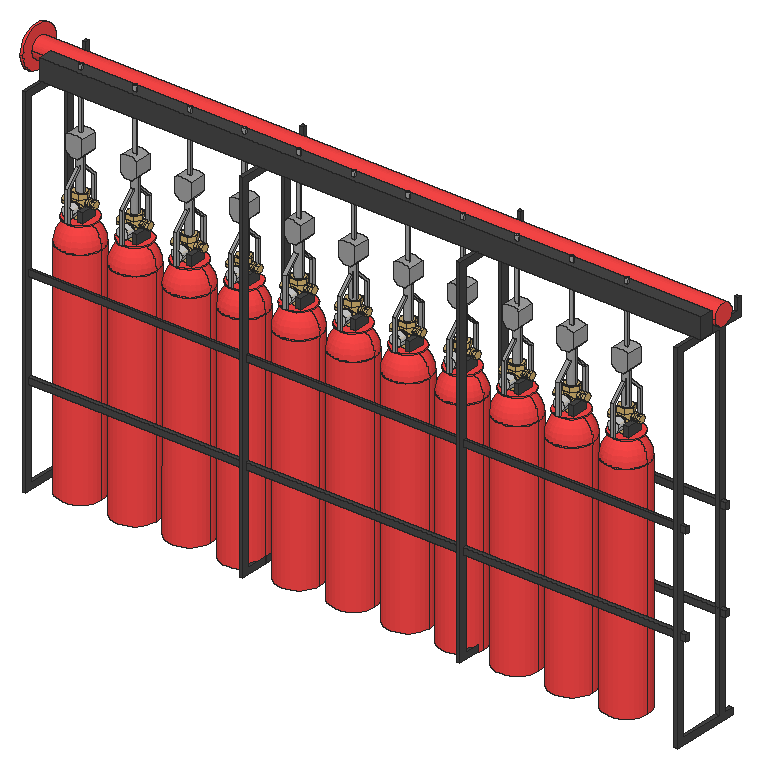
Revit family "Batería de cilindros pesaje continuo 67l en simple fila FK-5-1-12_Aguilera Extincion", category Equipos especializados, Revit 2019
Family settings
  Anfitrión = Suelo
  Cota de conector redondo = Radio de uso
  Tipo de pieza = Normal
  Número OmniClass = 23.65.20.14.24
  Título OmniClass = Other Gas Storage Vessels
  Siempre vertical = Sí
  Corte con vacíos al cargar = No
  Compartido = No
  Punto de cálculo de habitación = No
Parameters (values of type "Batería 11 cilindros FK-5-1-12 - 67 l")
  URL = "https://aguilera.es/?productos=sistemas-de-cilindros-de-6780-y-120l-con-pesaje-continuo-en-simple-fila"
  Símbolo texto = yes
  Símbolo = yes
  Rc2 = Radio colector * 2  # 127 mm
  Radio colector = Diámetro colector / 2  # 63.5 mm
  R = Diámetro / 2  # 133.5 mm
  Número soportes = 4
  Número de cilindros = 11
  Modelo = "AEX/FKBP067-11"
  Lt1 = Lt * 0.9  # 3851.1 mm
  Lt = 4279 mm
  Lci = D2 + 40 mm  # 380 mm
  Lcc = (Lt - 160 mm) / (Número soportes - 1)  # 1373 mm
  Lc = 340 mm  # constant formula
  Ht = Hc + Diámetro colector  # 2362 mm
  Fondo = 490 mm  # constant formula
  Fabricante = "Aguilera Extinción"  # constant formula
  Diámetro colector = 127 mm
  Descripción = "Batería formada con cilindros de 67 L. Fabricadas en acero tratado térmicamente sin soldadura (según Directiva Europea 84/525/CEE). Marcado π. Presión de trabajo 42 bar, presión de pruebas 250 bar, temperatura de servicio de -20 ºC a + 50 ºC. Grabadas y pintadas en color rojo (RAL 3002).\r\nEquipadas con:\r\n• Válvula de descarga. marcada CE según RD: 769/1999 Incluye:\r\n• Solenoide de disparo (Alimentación 24V y 500mA de consumo) (Cilindro piloto)\r\n• Actuador manual (Cilindro piloto).\r\n• Válvula de sobrepresión y disco de seguridad.\r\n• Válvula de alivio\r\n• Manómetro 42 bar con presostato. Certificado Vds\r\n• Latiguillos para el accionamiento neumático de disparo y latiguillos de descarga.\r\n• Colector de descarga (diámetro en función del cálculo hidráulico).\r\n• Válvulas retención.\r\n• Ensambladas en bastidor metálico con doble travesaño de fijación.\r\n• Los bastidores se fabrican para el montaje de cilindros en una o dos filas.\r\n• Sistema de pesaje continuo y bastidor metálico para su sujeción."  # constant formula
  Diámetro = 267 mm  # constant formula
  Hc = 2235 mm
  D2 = 340 mm  # constant formula
  D1 = Diámetro + 20 mm  # 287 mm
  Cilindro = Cilindros autonomos con pesaje continuo de 5 a 120l FK-5-1-12_Aguilera Extincion : Cilindro autónomo MH5112® (FK-5-1-12) - 67 l
Types (14, lengths in mm): name | Rc2 | Radio colector | Número soportes | Número de cilindros | Modelo | Lt1 | Lt | Lcc | Ht | Diámetro colector | Hc
  (no name) | 127 | 63.5 | 4 | 11 | "AEX/FKBP067-11" | 3851.1 | 4279 | 1373 | 2362 | 127 | 2235
  Batería 2 cilindros FK-5-1-12 - 67 l | 50.8 | 25.4 | 2 | 2 | "AEX/FKBP067-02" | 987.3 | 1097 | 937 | 2125.8 | 50.8 | 2075
  Batería 3 cilindros FK-5-1-12 - 67 l | 63.5 | 31.75 | 2 | 3 | "AEX/FKBP067-03" | 1337.4 | 1486 | 1326 | 2190.5 | 63.5 | 2127
  Batería 4 cilindros FK-5-1-12 - 67 l | 76.2 | 38.1 | 2 | 4 | "AEX/FKBP067-04" | 1657.8 | 1842 | 1682 | 2221.2 | 76.2 | 2145
  Batería 5 cilindros FK-5-1-12 - 67 l | 76.2 | 38.1 | 2 | 5 | "AEX/FKBP067-05" | 1963.8 | 2182 | 2022 | 2266.2 | 76.2 | 2190
  Batería 6 cilindros FK-5-1-12 - 67 l | 76.2 | 38.1 | 2 | 6 | "AEX/FKBP067-06" | 2298.6 | 2554 | 2394 | 2266.2 | 76.2 | 2190
  Batería 7 cilindros FK-5-1-12 - 67 l | 101.6 | 50.8 | 3 | 7 | "AEX/FKBP067-07" | 2604.6 | 2894 | 1367 | 2291.6 | 101.6 | 2190
  Batería 8 cilindros FK-5-1-12 - 67 l | 101.6 | 50.8 | 3 | 8 | "AEX/FKBP067-08" | 2910.6 | 3234 | 1537 | 2336.6 | 101.6 | 2235
  Batería 9 cilindros FK-5-1-12 - 67 l | 101.6 | 50.8 | 3 | 9 | "AEX/FKBP067-09" | 3239.1 | 3599 | 1719.5 | 2336.6 | 101.6 | 2235
  Batería 10 cilindros FK-5-1-12 - 67 l | 101.6 | 50.8 | 3 | 10 | "AEX/FKBP067-10" | 3545.1 | 3939 | 1889.5 | 2336.6 | 101.6 | 2235
  Batería 11 cilindros FK-5-1-12 - 67 l | 127 | 63.5 | 4 | 11 | "AEX/FKBP067-11" | 3851.1 | 4279 | 1373 | 2362 | 127 | 2235
  Batería 12 cilindros FK-5-1-12 - 67 l | 127 | 63.5 | 4 | 12 | "AEX/FKBP067-12" | 4157.1 | 4619 | 1486.333 | 2362 | 127 | 2235
  Batería 13 cilindros FK-5-1-12 - 67 l | 127 | 63.5 | 4 | 13 | "AEX/FKBP067-13" | 4477.5 | 4975 | 1605 | 2362 | 127 | 2235
  Batería 14 cilindros FK-5-1-12 - 67 l | 127 | 63.5 | 5 | 14 | "AEX/FKBP067-14" | 4783.5 | 5315 | 1288.75 | 2392 | 127 | 2265
Reference planes
  plane 1 "Centro (Frontal/Posterior)": y = 0
  plane 2: z = 0
  plane 3 "Centro (Izquierda/Derecha)": x = 0
  plane 4: y = 133.5
  plane 5: z = 600
  plane 6: z = 1200
  plane 7: z = 1565
  plane 8: z = 1703.58
  plane 9: z = 1770
  plane 10: z = 2235
  plane 11: z = 2362
  plane 12: x = -600
  plane 13: x = 3679
  plane 14: y = 153.5
  plane 15: x = -440
  plane 16: y = 133.5
  plane 17: z = 2342
Forms (mm)
  Extrusion 1, solid, material "Acero rojo"
    sketch origin (0, 0, 0) x (0, 1, 0) y (0, 0, 1)
      loop
        circle (133.5, 2298.5) r 63.5
    from -600 to 3679
  Extrusion 2, solid, material "Acero rojo"
    sketch origin (0, 0, 0) x (0, 1, 0) y (0, 0, 1)
      loop
        circle (133.5, 2298.5) r 127
    from -600 to -582.73
  Extrusion 3, solid, material "Acero negro", detail levels fine
    sketch origin (-745.59, -6003.5, 600) x (-1, 0, 0) y (0, -1, 0)
      loop
        line (-4424.59, -5864.5) -> (-305.59, -5864.5) -> (-305.59, -5846.113) -> (-4424.59, -5846.113) -> (-4424.59, -5864.5)
    from 40 to 0
  Extrusion 4, solid, material "Acero negro", detail levels fine
    sketch origin (-745.59, -6003.5, 1200) x (-1, 0, 0) y (0, -1, 0)
      loop
        line (-4424.59, -5864.5) -> (-305.59, -5864.5) -> (-305.59, -5846.113) -> (-4424.59, -5846.113) -> (-4424.59, -5864.5)
    from 40 to 0
  Extrusion 5, solid, material "Acero negro", detail levels fine
    sketch origin (-745.59, -5683.5, 600) x (-1, 0, 0) y (0, -1, 0)
      loop
        line (-4424.59, -5854.5) -> (-305.59, -5854.5) -> (-305.59, -5834.5) -> (-4424.59, -5834.5) -> (-4424.59, -5854.5)
    from 40 to 0
  Extrusion 6, solid, material "Acero negro", detail levels fine
    sketch origin (-745.59, -5683.5, 1200) x (-1, 0, 0) y (0, -1, 0)
      loop
        line (-4424.59, -5854.5) -> (-305.59, -5854.5) -> (-305.59, -5834.5) -> (-4424.59, -5834.5) -> (-4424.59, -5854.5)
    from 40 to 0
  Extrusion 7, solid, material "Acero negro", detail levels fine
    sketch origin (-745.59, -5883.865, 2235) x (-1, 0, 0) y (0, -1, 0)
      loop
        line (-4424.59, -5925.118) -> (-305.59, -5925.118) -> (-305.59, -5842.613) -> (-4424.59, -5842.613) -> (-4424.59, -5925.118)
    from 127 to 0
Dimensions and locks
  plane 5 to plane 2 = 600 mm
  plane 6 to plane 2 = 1200 mm
  plane 9 to plane 2 = 1770 mm
  "Hc": plane 10 to plane 2
  locked: plane 9 to plane 8 at 66.42
  locked: plane 9 to plane 7 at 205
  "R": plane 1 "Centro (Frontal/Posterior)" to plane 4
  "Lt": plane 13 to plane 12
  "Ht": plane 11 to plane 2
  locked: plane 11 to plane 17 at 20
  "Ht": Extrusion 1 sketch curve to plane 2
  equal spacing: group 1, group 2, group 5, group 6, group 7, group 8, group 9, group 10, group 11, group 12, group 13  (x3)
  equal spacing: group 3, group 4, group 14, group 15  (x3)
  "Lcc": nested 5 to plane 15
  "Lci": nested 1 to plane 12
  equal spacing: plane 11, Extrusion 2 sketch curve, plane 10
  "Radio colector": radius of Extrusion 1 sketch curve
  "Rc2": radius of Extrusion 2 sketch curve
  aligned and locked: level to plane 2
  aligned and locked: Extrusion 1 to plane 12
  aligned and locked: plane 13 to Extrusion 1
  aligned and locked: Extrusion 2 to plane 12
  aligned and locked: Extrusion 3 sketch curve to plane 15
  aligned and locked: plane 13 to Extrusion 3 sketch curve
  aligned and locked: Extrusion 4 to plane 15
  aligned and locked: plane 13 to Extrusion 4
  aligned and locked: Extrusion 7 to plane 15
  aligned and locked: plane 13 to Extrusion 7
  aligned and locked: plane 11 to Extrusion 7
Automatic sketch dimensions
  plane 1 "Centro (Frontal/Posterior)" to Extrusion 3 sketch curve = 139 mm
  Extrusion 3 sketch curve to Extrusion 3 sketch curve = 18.387 mm
  Extrusion 4 sketch curve to plane 13 = 0 mm
  Extrusion 4 sketch curve to plane 15 = 0 mm
  plane 1 "Centro (Frontal/Posterior)" to Extrusion 4 sketch curve = 139 mm
  Extrusion 4 sketch curve to Extrusion 4 sketch curve = 18.387 mm
  plane 4 to Extrusion 5 sketch curve = 17.5 mm
  Extrusion 5 sketch curve to plane 13 = 0 mm
  Extrusion 5 sketch curve to plane 15 = 0 mm
  plane 14 to Extrusion 5 sketch curve = 17.5 mm
  plane 4 to Extrusion 6 sketch curve = 17.5 mm
  Extrusion 6 sketch curve to plane 13 = 0 mm
  Extrusion 6 sketch curve to plane 15 = 0 mm
  plane 14 to Extrusion 6 sketch curve = 17.5 mm
  plane 13 to Extrusion 7 sketch curve = 0 mm
  plane 15 to Extrusion 7 sketch curve = 0 mm
  Extrusion 7 sketch curve to plane 1 "Centro (Frontal/Posterior)" = 41.252 mm
  Extrusion 7 sketch curve to Extrusion 7 sketch curve = 82.504 mm
  Extrusion 1 sketch curve to plane 4 = 0 mm
  Extrusion 2 sketch curve to plane 4 = 0 mm
Nested families
  nested 1: "Cilindros autonomos con pesaje continuo de 5 a 120l FK-5-1-12_Aguilera Extincion" at (-220, 0, 0), type <- "Cilindro", type "Cilindro autónomo MH5112® (FK-5-1-12) - 67 l"
    with Soporte no
  nested 2: "Cilindros autonomos con pesaje continuo de 5 a 120l FK-5-1-12_Aguilera Extincion" at (120, 0, 0), type <- "Cilindro", type "Cilindro autónomo MH5112® (FK-5-1-12) - 67 l"
    with Soporte no
  nested 3: "S_Cilindros_Aguilera Extinción" at (0, 0, 0), visible <- "Símbolo", type "S_Cilindros_Aguilera Extinción", detail levels coarse
  nested 4: "Soporte suelo - pesaje" at (-440, 7.5, 0), type "Soporte suelo - pesaje"
    with Ht 2235 mm, D 287 mm
  nested 5: "Soporte suelo - pesaje" at (913, 7.5, 0), type "Soporte suelo - pesaje"
    with Ht 2235 mm, D 287 mm
  nested 6: "Cilindros autonomos con pesaje continuo de 5 a 120l FK-5-1-12_Aguilera Extincion" at (460, 0, 0), type <- "Cilindro", type "Cilindro autónomo MH5112® (FK-5-1-12) - 67 l"
    with Soporte no
  nested 7: "Cilindros autonomos con pesaje continuo de 5 a 120l FK-5-1-12_Aguilera Extincion" at (800, 0, 0), type <- "Cilindro", type "Cilindro autónomo MH5112® (FK-5-1-12) - 67 l"
    with Soporte no
  nested 8: "Cilindros autonomos con pesaje continuo de 5 a 120l FK-5-1-12_Aguilera Extincion" at (1140, 0, 0), type <- "Cilindro", type "Cilindro autónomo MH5112® (FK-5-1-12) - 67 l"
    with Soporte no
  nested 9: "Cilindros autonomos con pesaje continuo de 5 a 120l FK-5-1-12_Aguilera Extincion" at (1480, 0, 0), type <- "Cilindro", type "Cilindro autónomo MH5112® (FK-5-1-12) - 67 l"
    with Soporte no
  nested 10: "Cilindros autonomos con pesaje continuo de 5 a 120l FK-5-1-12_Aguilera Extincion" at (1820, 0, 0), type <- "Cilindro", type "Cilindro autónomo MH5112® (FK-5-1-12) - 67 l"
    with Soporte no
  nested 11: "Cilindros autonomos con pesaje continuo de 5 a 120l FK-5-1-12_Aguilera Extincion" at (2160, 0, 0), type <- "Cilindro", type "Cilindro autónomo MH5112® (FK-5-1-12) - 67 l"
    with Soporte no
  nested 12: "Cilindros autonomos con pesaje continuo de 5 a 120l FK-5-1-12_Aguilera Extincion" at (2500, 0, 0), type <- "Cilindro", type "Cilindro autónomo MH5112® (FK-5-1-12) - 67 l"
    with Soporte no
  nested 13: "Cilindros autonomos con pesaje continuo de 5 a 120l FK-5-1-12_Aguilera Extincion" at (2840, 0, 0), type <- "Cilindro", type "Cilindro autónomo MH5112® (FK-5-1-12) - 67 l"
    with Soporte no
  nested 14: "Cilindros autonomos con pesaje continuo de 5 a 120l FK-5-1-12_Aguilera Extincion" at (3180, 0, 0), type <- "Cilindro", type "Cilindro autónomo MH5112® (FK-5-1-12) - 67 l"
    with Soporte no
  nested 15: "Soporte suelo - pesaje" at (2266, 7.5, 0), type "Soporte suelo - pesaje"
    with Ht 2235 mm, D 287 mm
  nested 16: "Soporte suelo - pesaje" at (3619, 7.5, 0), type "Soporte suelo - pesaje"
    with Ht 2235 mm, D 287 mm
Connectors
  piping at (-600, 133.5, 2298.5), diameter 127, driven by "Radio colector"
    settings: on Extrusion 1, index 1, connector inside diameter 609.6 mm, connector length 0 mm, flow factor 0, pipe flow 0.0 L/s, pressure drop 0.0 Pa, fitting loss kfactor 0, connector angle 0.00°, fixture units 0, engagement length 0 mm, angle of deflection 0.00°, flow configuration 0, flow direction 0, fitting loss method 0, system type 28, joint type 0, gender type 0, connector reference index -1, connector utility 0, adjustable connector no, is connector primary yes, connector description ""
Definition of nested family "Cilindros autonomos con pesaje continuo de 5 a 120l FK-5-1-12_Aguilera Extincion"
  Parameters (values of type "Cilindro autónomo MH5112® (FK-5-1-12) - 120 l")
    URL = "https://aguilera.es/?productos=botellas-autonomas-de-14-a-345-l"
    Símbolo texto = yes
    Símbolo = yes
    Soporte = yes
    R3 = 21.9 mm
    R = Diámetro / 2  # 177.277 mm
    Model = "AEX/FK120"
    L1 = 536 mm
    Hd = 1700 mm
    H2 = 850 mm
    Manufacturer = "Aguilera Extinción"  # constant formula
    Description = "Cilindro de alta presión, fabricado en acero aleado tratado térmicamente sin soldadura (según Directiva Europea 84/525/CEE). Marcado π Presión de trabajo de 42 y 50 bar, presión de pruebas 250 bar, temperatura de servicio de -20ºC a +50ºC, grabados y pintados en color rojo (RAL 3002).\r\nEquipado con:\r\n• Válvula de descarga. Marcada CE según RD: 769/1999. Incluye:\r\n• Solenoide de disparo. (Alimentación 24V y 500mA de consumo)\r\n• Válvula de sobrepresión y disco de seguridad.\r\n• Válvula de alivio.\r\n• Manómetro 42 bar con presostato. Certificado Vds\r\n• Actuador manual\r\n• Herrajes de fijación.\r\n• Brida y caperuza protectora de la válvula y sus accesorios."  # constant formula
    Diámetro = 354.555 mm
    H = 1780 mm
    Aux_R = R / 2  # 88.639 mm
  Types (8, lengths in mm): name | R | Model | L1 | Hd | H2 | Diámetro | H | Aux_R
    (no name) | 177.277 | "AEX/FK120" | 536 | 1700 | 850 | 354.555 | 1780 | 88.639
    Cilindro autónomo MH5112® (FK-5-1-12) - 80 l | 133.5 | "AEX/FK080" | 402 | 1800 | 900 | 267 | 1880 | 66.75
    Cilindro autónomo MH5112® (FK-5-1-12) - 120 l | 177.277 | "AEX/FK120" | 536 | 1700 | 850 | 354.555 | 1780 | 88.639
    Cilindro autónomo MH5112® (FK-5-1-12) - 67 l | 133.5 | "AEX/FK067" | 402 | 1600 | 800 | 267 | 1680 | 66.75
    Cilindro autónomo MH5112® (FK-5-1-12) - 40,2 l | 114.5 | "AEX/FK040" | 364 | 1300 | 650 | 229 | 1380 | 57.25
    Cilindro autónomo MH5112® (FK-5-1-12) - 26,8 l | 146.623 | "AEX/FK026" | 364 | 1000 | 500 | 293.247 | 1080 | 73.312
    Cilindro autónomo MH5112® (FK-5-1-12) - 13,4 l | 70 | "AEX/FK013" | 274 | 1100 | 550 | 140 | 1180 | 35
    Cilindro autónomo MH5112® (FK-5-1-12) - 5 l | 70 | "AEX/FK005" | 274 | 500 | 250 | 140 | 580 | 35
  Reference planes
    plane 1 "Centro (Frontal/Posterior)": y = 0
    plane 2: z = 0
    plane 3 "Centro (Izquierda/Derecha)": x = 0
    plane 4: y = 177.277
    plane 5: z = 850
    plane 6: z = 1495
    plane 7: z = 1633.58
    plane 8: z = 1700
    plane 9: z = 1780
    plane 10: x = -100
    plane 11: x = -177.277
    plane 12: x = 177.277
    plane 13: x = -177.277
    plane 14: x = 177.277
    plane 15: x = -40
  Forms (mm)
    Extrusion 1, solid, detail levels medium+fine
      sketch origin (0, 0, 0) x (1, 0, 0) y (0, 1, 0)
        loop
          circle (0, 0) r 177.277
      from 0 to 1495
    Extrusion 2, solid, detail levels medium+fine
      sketch origin (-745.59, -6000, 1633.58) x (-1, 0, 0) y (0, -1, 0)
        loop
          circle (-745.59, -6000) r 40
      from 0 to 146.42
    Extrusion 3, solid, detail levels medium+fine
      sketch origin (-70, 0, 0) x (0, -1, 0) y (0, 0, 1)
        loop
          circle (0, 1700) r 25
      from -117.506 to -12.56
    Revolve 4, solid, detail levels medium+fine
      sketch origin (0, 0, 0) x (1, 0, 0) y (0, 0, 1)
        loop
          line (0, 1633.58) -> (-40, 1633.58)
          arc (-40, 1633.58) -> (-137.098, 1593.066) -> (-177.277, 1495.829) r 137.752
          line (-177.277, 1495.829) -> (-177.277, 1495) -> (0, 1495) -> (0, 1633.58)
        axis (0, 1633.58) -> (0, 1495)
      angle from 0 to 360
    Extrusion 5, solid, visible <- "Soporte", detail levels fine
      sketch origin (-745.59, -6000, 850) x (-1, 0, 0) y (0, -1, 0)
        loop
          line (-500.812, -6197.277) -> (-500.812, -6177.277) -> (-566.312, -6177.277) -> (-566.312, -6000)
          arc (-566.312, -6000) -> (-745.59, -5820.723) -> (-924.867, -6000) r 179.277
          line (-924.867, -6000) -> (-924.867, -6177.277) -> (-990.367, -6177.277) -> (-990.367, -6197.277) -> (-500.812, -6197.277)
        loop
          arc (-568.312, -6000) -> (-745.59, -5822.723) -> (-922.867, -6000) r 177.277
          line (-922.867, -6000) -> (-922.867, -6177.277) -> (-568.312, -6177.277) -> (-568.312, -6000)
      from 20 to -20
    Extrusion 6, solid, detail levels fine
      sketch origin (-745.59, -6000, 1633.58) x (-1, 0, 0) y (0, -1, 0)
        loop
          circle (-745.59, -6000) r 100
      from 0 to 5.101
    Extrusion 7, solid, detail levels medium+fine
      sketch origin (-745.59, -6000, 1780) x (-1, 0, 0) y (0, -1, 0)
        loop
          line (-769.342, -6041.141) -> (-721.837, -6041.141) -> (-698.084, -6000) -> (-721.837, -5958.859) -> (-769.342, -5958.859) -> (-793.095, -6000) -> (-769.342, -6041.141)
      from 0 to -30.23
    Extrusion 8, solid, detail levels medium+fine
      sketch origin (0.001, -69.978, 0) x (1, 0.000332, 0) y (0, 0, 1)
        loop
          circle (0, 1700) r 35
      from -70 to -28.863
    Extrusion 9, solid, detail levels medium+fine
      sketch origin (-145, 0, 0) x (0, -1, 0) y (0, 0, 1)
        loop
          circle (0, 1700) r 20
        loop
          circle (0, 1700) r 15
      from -87.56 to -45
    Extrusion 10, solid, detail levels medium+fine
      sketch origin (0.001, -127.334, 0) x (1, 0.000332, 0) y (0, 0, 1)
        loop
          circle (0, 1700) r 30
      from -86.218 to -73.878
    Extrusion 11, solid, detail levels medium+fine
      sketch origin (0.001, -157.335, 0) x (1, 0.000332, 0) y (0, 0, 1)
        loop
          circle (0, 1700) r 35
      from -103.928 to -58.906
    Extrusion 12, solid, detail levels fine
      sketch origin (-27.334, -0.23, 26.684) x (0.000332, -1, 0) y (0, 0, 1)
        loop
          circle (-0.222, 1705.463) r 15
      from -108.689 to -58.467
    Extrusion 13, solid, detail levels fine
      sketch origin (146.623, 655.396, 4006.684) x (0, 1, 0) y (0, 0, 1)
        loop
          line (-666.922, -2254.537) -> (-678.469, -2274.537) -> (-666.922, -2294.537) -> (-643.828, -2294.537) -> (-632.281, -2274.537) -> (-643.828, -2254.537) -> (-666.922, -2254.537)
      from -98.997 to -83.977
    Extrusion 14, solid, detail levels fine
      sketch origin (146.623, 655.396, 4006.684) x (0, 1, 0) y (0, 0, 1)
        loop
          line (-666.922, -2254.537) -> (-678.469, -2274.537) -> (-666.922, -2294.537) -> (-643.828, -2294.537) -> (-632.281, -2274.537) -> (-643.828, -2254.537) -> (-666.922, -2254.537)
      from -65.269 to -49.269
    Extrusion 15, solid, detail levels fine
      sketch origin (-100, 837.763, 4000) x (0, 1, 0) y (0, 0, 1)
        loop
          line (-820.012, -2283.976) -> (-917.735, -2283.976) -> (-917.735, -2343.976) -> (-820.012, -2343.976) -> (-820.012, -2283.976)
      from 147.506 to 176.533
    Extrusion 16, solid, detail levels fine
      sketch origin (0.458, 0, 109.909) x (0, -1, 0) y (0, 0, 1)
        loop
          line (-109.5, 1533.58) -> (-99.5, 1533.58) -> (-99.5, 1719.44) -> (0, 1818.94) -> (99.5, 1719.44) -> (99.5, 1533.58) -> (109.5, 1533.58) -> (109.5, 1723.598) -> (0, 1833.089) -> (-109.5, 1723.58) -> (-109.5, 1533.58)
      from -10 to 10
    Revolve 17, solid, detail levels fine
      sketch origin (0, 0, 109.909) x (1, 0, 0) y (0, 0, 1)
        loop
          line (-0.458, 1670.091) -> (-0.458, 1871.932) -> (-22.358, 1871.932) -> (-22.358, 1670.091) -> (-0.458, 1670.091)
        axis (0, 1670.091) -> (0, 1871.932)
      angle from 0 to 360
    Extrusion 18, solid, detail levels fine
      sketch origin (0.458, 0, 109.909) x (1, 0, 0) y (0, 0, 1)
        loop
          line (-22.358, 1871.932) -> (22.358, 1871.932) -> (50.643, 1900.216) -> (50.643, 1990.216)
          arc (50.643, 1990.216) -> (0, 2004.288) -> (-50.643, 1990.216) r 98.162
          line (-50.643, 1990.216) -> (-50.643, 1900.216) -> (-22.358, 1871.932)
      from -50 to 50
    Revolve 19, solid, detail levels fine
      sketch origin (0.458, 0, 109.909) x (1, 0, 0) y (0, 0, 1)
        loop
          line (0, 1932.562) -> (0, 2377.844) -> (-10, 2377.844) -> (-10, 1932.562) -> (0, 1932.562)
        axis (0, 1932.562) -> (0, 2377.844)
      angle from 0 to 360
    Extrusion 20, solid, not visible, detail levels fine
      sketch origin (0.458, 0, 110) x (0, -1, 0) y (0, 0, 1)
        loop
          line (-109.5, 1533.58) -> (-99.5, 1533.58) -> (-99.5, 1719.44) -> (0, 1818.94) -> (99.5, 1719.44) -> (99.5, 1533.58) -> (109.5, 1533.58) -> (109.5, 1723.598) -> (0, 1833.089) -> (-109.5, 1723.58) -> (-109.5, 1533.58)
      from -10 to 10
    Revolve 21, solid, not visible, detail levels fine
      sketch origin (0, 0, 110) x (1, 0, 0) y (0, 0, 1)
        loop
          line (-0.458, 1670.091) -> (-0.458, 1871.932) -> (-22.358, 1871.932) -> (-22.358, 1670.091) -> (-0.458, 1670.091)
        axis (0, 1670.091) -> (0, 1871.932)
      angle from 0 to 360
    Extrusion 22, solid, not visible, detail levels fine
      sketch origin (0.458, 0, 110) x (1, 0, 0) y (0, 0, 1)
        loop
          line (-22.358, 1871.932) -> (22.358, 1871.932) -> (50.643, 1900.216) -> (50.643, 1990.216)
          arc (50.643, 1990.216) -> (0, 2004.288) -> (-50.643, 1990.216) r 98.162
          line (-50.643, 1990.216) -> (-50.643, 1900.216) -> (-22.358, 1871.932)
      from -50 to 50
    Revolve 23, solid, not visible, detail levels fine
      sketch origin (0.458, 0, 110) x (1, 0, 0) y (0, 0, 1)
        loop
          line (0, 1932.562) -> (0, 2377.844) -> (-10, 2377.844) -> (-10, 1932.562) -> (0, 1932.562)
        axis (0, 1932.562) -> (0, 2377.844)
      angle from 0 to 360
  Lines and regions (mm)
    symbolic lines
      curve 1: line (0, 217.277, 0) -> (0, 177.277, 0)
      curve 2: line (-25, 197.277, 0) -> (25, 197.277, 0)
      curve 3: circle (0, 197.277, 0) r 15 normal (0, 0, 1)
  Dimensions and locks
    "H2": plane 5 to plane 2
    "Hd": plane 8 to plane 2
    "H": plane 9 to plane 2
    locked: plane 10 to plane 3 "Centro (Izquierda/Derecha)" at 100
    equal spacing: plane 11, plane 3 "Centro (Izquierda/Derecha)", plane 12
    "Diámetro": plane 11 to plane 12
    locked: plane 8 to plane 7 at 66.42
    locked: plane 8 to plane 6 at 205
    "R": plane 1 "Centro (Frontal/Posterior)" to plane 4
    equal spacing: plane 13, plane 3 "Centro (Izquierda/Derecha)", plane 14
    "Diámetro": plane 13 to plane 14
    equal spacing: Extrusion 5 sketch curve, plane 3 "Centro (Izquierda/Derecha)", Extrusion 5 sketch curve
    "R": Revolve 4 sketch curve to Revolve 4 sketch curve
    locked: Revolve 4 sketch curve to Revolve 4 sketch curve at 0.829
    locked: Extrusion 16 sketch curve to Extrusion 16 sketch curve at 10  (x2)
    "R3": Revolve 17 sketch curve to Revolve 17 sketch curve
    locked: Extrusion 20 sketch curve to Extrusion 20 sketch curve at 10  (x2)
    "R3": Revolve 21 sketch curve to Revolve 21 sketch curve
    locked: Revolve 17 to plane 9 at 0
    "Diámetro": diameter of Extrusion 1 sketch curve
    aligned and locked: level to plane 2
    aligned and locked: plane 6 to Extrusion 1
    aligned and locked: plane 9 to Extrusion 2
    aligned and locked: Extrusion 2 to plane 7
    aligned and locked: Revolve 4 sketch curve to plane 3 "Centro (Izquierda/Derecha)"  (x2)
    aligned and locked: Extrusion 5 sketch curve to Extrusion 5 sketch curve  (x2)
    aligned and locked: Extrusion 5 sketch curve to plane 4
    aligned and locked: Extrusion 5 sketch curve to plane 14
    aligned and locked: Extrusion 5 sketch curve to plane 13
    aligned and locked: Revolve 4 sketch curve to plane 6
    aligned and locked: plane 15 to Extrusion 2
    aligned and locked: plane 15 to Revolve 4 sketch curve
    aligned and locked: Extrusion 9 to plane 10
    aligned and locked: Extrusion 15 to Extrusion 3
    aligned and locked: Revolve 17 to Extrusion 18 sketch curve
    aligned and locked: Revolve 21 to Extrusion 22 sketch curve
  Automatic sketch dimensions
    curve 1 to plane 3 "Centro (Izquierda/Derecha)" = 0 mm
    curve 3 to plane 3 "Centro (Izquierda/Derecha)" = 0 mm
    curve 1 to plane 4 = 0 mm
    curve 1 to curve 3 = 20 mm
    curve 2 to plane 3 "Centro (Izquierda/Derecha)" = 25 mm
    plane 3 "Centro (Izquierda/Derecha)" to curve 2 = 25 mm
    plane 4 to curve 2 = 20 mm
    curve 3 to curve 1 = 20 mm
    plane 1 "Centro (Frontal/Posterior)" to Extrusion 2 sketch curve = 0 mm
    Extrusion 2 sketch curve to plane 3 "Centro (Izquierda/Derecha)" = 0 mm
    Extrusion 3 sketch curve to plane 1 "Centro (Frontal/Posterior)" = 0 mm
    Extrusion 3 sketch curve to plane 8 = 0 mm
    plane 1 "Centro (Frontal/Posterior)" to Extrusion 6 sketch curve = 0 mm
    Extrusion 6 sketch curve to plane 3 "Centro (Izquierda/Derecha)" = 0 mm
    plane 1 "Centro (Frontal/Posterior)" to Extrusion 7 sketch curve = 0 mm  (x2)
    plane 3 "Centro (Izquierda/Derecha)" to Extrusion 7 sketch curve = 47.506 mm
    plane 3 "Centro (Izquierda/Derecha)" to Extrusion 7 sketch curve = 23.753 mm  (x2)
    Extrusion 7 sketch curve to plane 3 "Centro (Izquierda/Derecha)" = 23.753 mm  (x2)
    Extrusion 7 sketch curve to Extrusion 7 sketch curve = 23.753 mm
    Extrusion 7 sketch curve to plane 1 "Centro (Frontal/Posterior)" = 41.141 mm
    plane 1 "Centro (Frontal/Posterior)" to Extrusion 7 sketch curve = 41.141 mm
    Extrusion 8 sketch curve to plane 8 = 0 mm
    Extrusion 9 sketch curve to Extrusion 9 sketch curve = 0 mm  (x2)
    Extrusion 9 sketch curve to plane 1 "Centro (Frontal/Posterior)" = 0 mm
    Extrusion 9 sketch curve to plane 8 = 0 mm
    Extrusion 10 sketch curve to plane 8 = 0 mm
    Extrusion 11 sketch curve to plane 8 = 0 mm
    plane 8 to Extrusion 12 sketch curve = 32.147 mm
    plane 1 "Centro (Frontal/Posterior)" to Extrusion 13 sketch curve = 23.073 mm
    plane 1 "Centro (Frontal/Posterior)" to Extrusion 13 sketch curve = 11.526 mm  (x2)
    Extrusion 13 sketch curve to plane 1 "Centro (Frontal/Posterior)" = 11.568 mm  (x2)
    Extrusion 13 sketch curve to Extrusion 13 sketch curve = 11.547 mm
    plane 8 to Extrusion 13 sketch curve = 12.147 mm
    Extrusion 13 sketch curve to Extrusion 13 sketch curve = 20 mm  (x3)
    plane 1 "Centro (Frontal/Posterior)" to Extrusion 14 sketch curve = 23.073 mm
    plane 1 "Centro (Frontal/Posterior)" to Extrusion 14 sketch curve = 11.526 mm  (x2)
    Extrusion 14 sketch curve to plane 1 "Centro (Frontal/Posterior)" = 11.568 mm  (x2)
    Extrusion 14 sketch curve to Extrusion 14 sketch curve = 11.547 mm
    plane 8 to Extrusion 14 sketch curve = 12.147 mm
    Extrusion 14 sketch curve to Extrusion 14 sketch curve = 20 mm  (x3)
    plane 8 to Extrusion 15 sketch curve = 16.024 mm
    plane 1 "Centro (Frontal/Posterior)" to Extrusion 15 sketch curve = 79.972 mm
    Extrusion 15 sketch curve to plane 1 "Centro (Frontal/Posterior)" = 17.752 mm
    plane 7 to Extrusion 15 sketch curve = 22.444 mm
    Revolve 17 sketch curve to Revolve 17 sketch curve = 201.841 mm
    Revolve 17 sketch curve to Revolve 17 sketch curve = 93.068 mm
    Extrusion 18 sketch curve to Extrusion 18 sketch curve = 28.284 mm  (x4)
    Extrusion 18 sketch curve to Extrusion 18 sketch curve = 34.194 mm
    Extrusion 18 sketch curve to Extrusion 18 sketch curve = 90 mm
    Revolve 19 sketch curve to Revolve 19 sketch curve = 445.282 mm
    Revolve 19 sketch curve to Revolve 19 sketch curve = 78.622 mm
    Revolve 19 sketch curve to Revolve 19 sketch curve = 16.097 mm
    Revolve 17 sketch curve to Revolve 17 sketch curve = 0.458 mm
    Revolve 17 sketch curve to Revolve 17 sketch curve = 10.091 mm
    Extrusion 18 sketch curve to Extrusion 18 sketch curve = 22.358 mm  (x2)
    Revolve 19 sketch curve to Revolve 19 sketch curve = 10 mm
    Revolve 19 sketch curve to Revolve 19 sketch curve = 0 mm
    Revolve 21 sketch curve to Revolve 21 sketch curve = 201.841 mm
    Revolve 21 sketch curve to Revolve 21 sketch curve = 93.068 mm
    Extrusion 22 sketch curve to Extrusion 22 sketch curve = 28.284 mm  (x4)
    Extrusion 22 sketch curve to Extrusion 22 sketch curve = 34.194 mm
    Extrusion 22 sketch curve to Extrusion 22 sketch curve = 90 mm
    Revolve 23 sketch curve to Revolve 23 sketch curve = 445.282 mm
    Revolve 23 sketch curve to Revolve 23 sketch curve = 78.622 mm
    Revolve 23 sketch curve to Revolve 23 sketch curve = 16.097 mm
    Revolve 21 sketch curve to Revolve 21 sketch curve = 0.458 mm
    Revolve 21 sketch curve to Revolve 21 sketch curve = 10.091 mm
    Extrusion 22 sketch curve to Extrusion 22 sketch curve = 22.358 mm  (x2)
    Revolve 23 sketch curve to Revolve 23 sketch curve = 10 mm
    Revolve 23 sketch curve to Revolve 23 sketch curve = 0 mm
    Extrusion 16 sketch curve to Extrusion 16 sketch curve = 99.5 mm  (x2)
    Extrusion 16 sketch curve to Extrusion 16 sketch curve = 0 mm  (x2)
    Extrusion 16 sketch curve to Extrusion 16 sketch curve = 185.86 mm  (x2)
    Extrusion 16 sketch curve to Extrusion 16 sketch curve = 4.139 mm
    Extrusion 16 sketch curve to Extrusion 16 sketch curve = 4.157 mm
    Extrusion 20 sketch curve to Extrusion 20 sketch curve = 99.5 mm  (x2)
    Extrusion 20 sketch curve to Extrusion 20 sketch curve = 0 mm  (x2)
    Extrusion 20 sketch curve to Extrusion 20 sketch curve = 185.86 mm  (x2)
    Extrusion 20 sketch curve to Extrusion 20 sketch curve = 4.139 mm
    Extrusion 20 sketch curve to Extrusion 20 sketch curve = 4.157 mm
    plane 1 "Centro (Frontal/Posterior)" to Extrusion 1 sketch curve = 0 mm
    Extrusion 1 sketch curve to plane 3 "Centro (Izquierda/Derecha)" = 0 mm
    Revolve 4 sketch curve to plane 7 = 0 mm
    plane 5 to Revolve 4 sketch curve = 8.628 mm
    Revolve 4 sketch curve to plane 8 = 6 mm
    Extrusion 5 sketch curve to Extrusion 5 sketch curve = 0 mm  (x2)
    plane 1 "Centro (Frontal/Posterior)" to Extrusion 5 sketch curve = 0 mm
    Extrusion 5 sketch curve to plane 14 = 2 mm
    Extrusion 5 sketch curve to Extrusion 5 sketch curve = 65.5 mm
    Extrusion 5 sketch curve to Extrusion 5 sketch curve = 20 mm
    radius of curve 3 = 15 mm
    radius of Extrusion 2 sketch curve = 40 mm
    radius of Extrusion 3 sketch curve = 25 mm
    radius of Extrusion 6 sketch curve = 100 mm
    radius of Extrusion 8 sketch curve = 35 mm
    radius of Extrusion 9 sketch curve = 20 mm
    radius of Extrusion 9 sketch curve = 15 mm
    radius of Extrusion 10 sketch curve = 30 mm
    radius of Extrusion 11 sketch curve = 35 mm
    radius of Extrusion 12 sketch curve = 15 mm
  Nested families
    nested 1: "S_Cilindro_Aguilera Extinción" at (0, 0, 0), visible <- "Símbolo", type "S_Cilindro_Aguilera Extinción", detail levels coarse
  Definition of nested family "S_Cilindro_Aguilera Extinción"
    Parameters (values of type "S_Cilindro_Aguilera Extinción")
      Texto símbolo = "Cilindros"
      Texto modelo = yes
      Modelo = "Cilindros"
    Reference planes
      plane 1: y = 0
      plane 2: x = 0
    Lines and regions (mm)
      detail lines
        curve 1: line (-1.703, -1.659, 0) -> (1.659, -1.659, 0)
        curve 2: line (-1.703, 1.659, 0) -> (-1.703, -1.659, 0)
        curve 3: line (1.659, 1.659, 0) -> (-1.703, 1.659, 0)
        curve 4: line (1.659, -1.659, 0) -> (1.659, 1.659, 0)
        curve 5: circle (0, 0, 0) r 1.659 normal (0, 0, 1)
    Text (mm)
      label "Texto símbolo" at (-0.164, 3.111, 0), shows "Texto símbolo"
      label "Modelo" at (-0.164, -2.652, 0), shows "Modelo", visible <- "Texto modelo"
Definition of nested family "Soporte suelo - pesaje"
  Parameters (values of type "Soporte suelo - pesaje")
    L1 = 490 mm
    Ht = 2057 mm
    D = 292 mm
  Reference planes
    plane 1 "Centro (Frontal/Posterior)": y = 0
    plane 2: z = 0
    plane 3 "Centro (Izquierda/Derecha)": x = 0
    plane 4: z = 2057
    plane 5: y = -146
    plane 6: y = -186
    plane 7: z = 2017
    plane 8: z = 40
    plane 9: y = 186
    plane 10: y = 146
    plane 11: y = 304
    plane 12: y = 245
  Forms (mm)
    Extrusion 1, solid, detail levels medium+fine
      sketch origin (0, 0, 0) x (0, 1, 0) y (0, 0, 1)
        loop
          line (245, 0) -> (245, 40) -> (186, 40) -> (186, 2017) -> (304, 2017) -> (304, 2132) -> (284, 2132) -> (284, 2057) -> (-186, 2057) -> (-186, 0) -> (245, 0)
        loop
          line (146, 40) -> (146, 2017) -> (-146, 2017) -> (-146, 40) -> (146, 40)
      from 0 to 20
  Lines and regions (mm)
    symbolic lines
      curve 1: line (0, 142.5, 0) -> (0, 102.5, 0)
      curve 2: line (-25, 122.5, 0) -> (25, 122.5, 0)
      curve 3: circle (0, 122.5, 0) r 15 normal (0, 0, 1)
  Dimensions and locks
    "Ht": plane 4 to plane 2
    locked: plane 8 to plane 2 at 40
    locked: plane 4 to plane 7 at 40
    "D": plane 10 to plane 5
    locked: plane 9 to plane 10 at 40
    locked: plane 5 to plane 6 at 40
    equal spacing: plane 10, plane 1 "Centro (Frontal/Posterior)", plane 5
    "L1": plane 11 to plane 6
    equal spacing: plane 11, plane 12, plane 9
    aligned and locked: level to plane 2
    aligned and locked: level to Extrusion 1 sketch curve
    aligned and locked: Extrusion 1 sketch curve to plane 6
    aligned and locked: Extrusion 1 sketch curve to plane 4
    aligned and locked: Extrusion 1 sketch curve to plane 8  (x2)
    aligned and locked: Extrusion 1 sketch curve to plane 5
    aligned and locked: plane 7 to Extrusion 1 sketch curve
    aligned and locked: Extrusion 1 sketch curve to plane 10
    aligned and locked: Extrusion 1 sketch curve to plane 9
    aligned and locked: Extrusion 1 sketch curve to plane 7
    aligned and locked: plane 11 to Extrusion 1 sketch curve
    aligned and locked: plane 12 to Extrusion 1 sketch curve
  Automatic sketch dimensions
    curve 2 to plane 1 "Centro (Frontal/Posterior)" = 122.5 mm
    curve 3 to plane 1 "Centro (Frontal/Posterior)" = 122.5 mm
    curve 3 to plane 3 "Centro (Izquierda/Derecha)" = 0 mm
    curve 1 to curve 3 = 0 mm
    curve 2 to curve 3 = 25 mm
    curve 3 to curve 2 = 25 mm
    curve 1 to plane 1 "Centro (Frontal/Posterior)" = 102.5 mm
    curve 1 to plane 1 "Centro (Frontal/Posterior)" = 142.5 mm
    plane 11 to Extrusion 1 sketch curve = 20 mm
    plane 4 to Extrusion 1 sketch curve = 75 mm
    radius of curve 3 = 15 mm
Definition of nested family "S_Cilindros_Aguilera Extinción"
  Parameters (values of type "S_Cilindros_Aguilera Extinción")
    Texto símbolo = "Cilindros"
    Texto modelo = yes
    Modelo = "Cilindros"
  Reference planes
    plane 1: y = 0
    plane 2: x = 0
  Lines and regions (mm)
    detail lines
      curve 1: line (-6.666, -1.659, 0) -> (6.654, -1.659, 0)
      curve 2: line (-6.666, 1.659, 0) -> (-6.666, -1.659, 0)
      curve 3: line (6.654, 1.659, 0) -> (-6.666, 1.659, 0)
      curve 4: line (6.654, -1.659, 0) -> (6.654, 1.659, 0)
      curve 5: circle (-4.976, 0, 0) r 1.659 normal (0, 0, 1)
      curve 6: circle (-1.659, 0, 0) r 1.659 normal (0, 0, 1)
      curve 7: circle (1.659, 0, 0) r 1.659 normal (0, 0, 1)
      curve 8: circle (4.976, 0, 0) r 1.659 normal (0, 0, 1)
  Text (mm)
    label "Texto símbolo" at (-0.164, 3.111, 0), shows "Texto símbolo"
    label "Modelo" at (-0.164, -2.652, 0), shows "Modelo", visible <- "Texto modelo"
